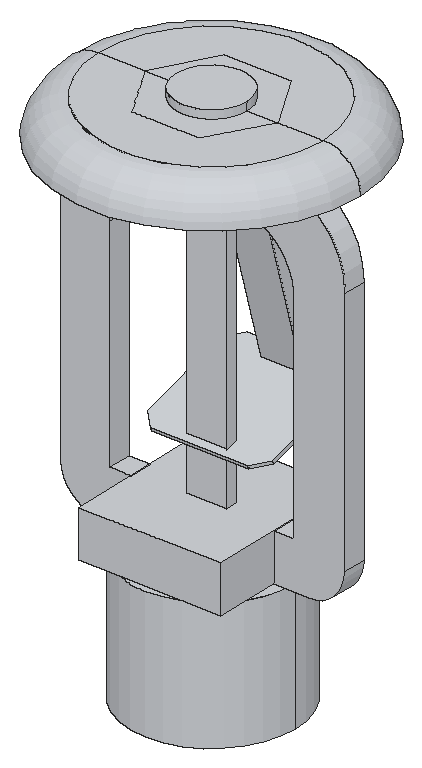
Revit family
Parameters (values of type "RASCO GFR UPRIGHT")
  Temperature Rating = 165 °F
  Response = 1
  RASCO SIN # = "R3125"
  RASCO Part # = "GFRUB"
  Pressure Rating = "175 PSI"
  Pressure Class = (empty or 0)
  Orifice Size = 1/2"
  Orifice = (empty or 0)
  Model = "GFR"
  Manufacturer = "RASCO"
  K-Factor = 8
  Description = "Bronze Finish"
  Coverage = (empty or 0)
Reference planes (in)
  plane 1 "Center (Front/Back)": y = 0
  plane 2: z = 0
  plane 3 "Center (Left/Right)": x = 0
Dimensions and locks (in)
  aligned and locked: plane 2 to level
Nested families (in)
  nested 1: "GFRUB" at (0, 0, 0), type "RASCO GFR UPRIGHT"
Connectors (in)
  piping at (0, 0, 0)
    settings: on nested 1, index 1, connector radius 0.45", flow factor 0, pipe flow 0 GPM, pressure drop 0.00 psi, fitting loss kfactor 0, connector angle 0.00°, fixture units 0, flow configuration 0, flow direction 0, fitting loss method 0, system type 7, connector reference index -1, connector utility 0, adjustable connector no, is connector primary yes, fitting loss table "", connector description ""
Definition of nested family "GFRUB"
  Parameters (values of type "RASCO GFR UPRIGHT")
    Type Comments = ""
    Temperature Rating = 0 °F
    Response = (empty or 0)
    Pressure Rating = "0"
    Pressure Class = (empty or 0)
    Orifice Size = 0"
    Orifice = (empty or 0)
    Model = ""
    Manufacturer = ""
    K-Factor = 0
    Description = ""
    Coverage = (empty or 0)
    Assembly Code = ""
  Reference planes (in)
    plane 1 "Center (Front/Back)": y = 0
    plane 2: z = 0
    plane 3 "ref.2": z = 0.6875
    plane 4 "ref.3": z = 0.9375
    plane 5: x = -0.38065
    plane 6: x = 0.36935
    plane 7 "ref. side 1": y = 0.06402
    plane 8 "ref. side 2": y = -0.06098
    plane 9 "ref.4": z = 1.875
    plane 10 "ref.5": z = 2.875
    plane 11 "center": x = -0.00574
    plane 12 "clip": through (0, 0.52703, 1.36085) normal (0, 0.2756, -0.9613)
  Forms (in)
    Extrusion 1, solid
      sketch origin (0, 0, 0) x (1, 0, 0) y (0, 1, 0)
        loop
          circle (0, 0) r 0.438
      from 0 to 0.6875
    Extrusion 2, solid
      sketch origin (-0.12185, 0.05177, 0.6875) x (1, 0, 0) y (0, 1, 0)
        loop
          line (-0.2588, 0.356) -> (-0.2588, -0.4565) -> (0.4912, -0.4565) -> (0.4912, 0.356) -> (-0.2588, 0.356)
      from 0 to 0.25
    Extrusion 3, solid
      sketch origin (0, 0, 0) x (1, 0, 0) y (0, 0, 1)
        loop
          line (-0.49248, 0.9375) -> (-0.49248, 2.10276)
          arc (-0.49248, 2.10276) -> (-0.40724, 2.30855) -> (-0.20145, 2.39379) r 0.29103
          line (-0.20145, 2.39379) -> (0.18108, 2.39379)
          arc (0.18108, 2.39379) -> (0.38905, 2.30765) -> (0.47519, 2.09969) r 0.29411
          line (0.47519, 2.09969) -> (0.47519, 0.9375) -> (0.36935, 0.9375) -> (0.36935, 0.6875) -> (0.55741, 0.6875)
          arc (0.55741, 0.6875) -> (0.69165, 0.7431) -> (0.74725, 0.87734) r 0.18984
          line (0.74725, 0.87734) -> (0.74725, 2.19113)
          arc (0.74725, 2.19113) -> (0.61669, 2.50631) -> (0.3015, 2.63687) r 0.44574
          line (0.3015, 2.63687) -> (-0.30719, 2.63687)
          arc (-0.30719, 2.63687) -> (-0.62225, 2.50637) -> (-0.75275, 2.19131) r 0.44556
          line (-0.75275, 2.19131) -> (-0.75275, 0.87876)
          arc (-0.75275, 0.87876) -> (-0.69673, 0.74352) -> (-0.56149, 0.6875) r 0.19126
          line (-0.56149, 0.6875) -> (-0.38065, 0.6875) -> (-0.38065, 0.9375) -> (-0.49248, 0.9375)
      from -0.06402 to 0.06098
    Extrusion 4, solid
      sketch origin (-0.00199, 0, 2.4375) x (-1, 0, 0) y (0, -1, 0)
        loop
          circle (0.00574, -0.00152) r 0.1875
      from -0.04371 to 0.4375
    Revolve 5, solid
      sketch origin (-0.0011, 0, 0.30638) x (1, 0, 0) y (0, 0, 1)
        loop
          line (-0.19255, 2.33367) -> (-0.19255, 2.52696) -> (-0.35809, 2.52696) -> (-0.59714, 2.52696)
          arc (-0.59714, 2.52696) -> (-0.73508, 2.47056) -> (-0.79397, 2.33367) r 0.19686
          line (-0.79397, 2.33367) -> (-0.19255, 2.33367)
        axis (-0.00574, 2.33367) -> (-0.00574, 2.52696)
      angle from 0 to 360
    Extrusion 6, solid
      sketch origin (0, 0, 0.9375) x (-1, 0, 0) y (0, -1, 0)
        loop
          line (-0.10175, -0.02852) -> (0.11324, -0.02852) -> (0.11324, 0.03101) -> (-0.10175, 0.03101) -> (-0.10175, -0.02852)
      from 0 to 1.45629
    Extrusion 7, solid
      sketch origin (-0.00574, 0, 0) x (0, 0, -1) y (0, -1, 0)
        loop
          line (-2.34418, 0.08154) -> (-2.34418, -0.18975)
          arc (-2.34418, -0.18975) -> (-2.3294, -0.23392) -> (-2.29102, -0.2603) r 0.07339
          line (-2.29102, -0.2603) -> (-1.29471, -0.54599) -> (-1.27823, -0.48852) -> (-2.23088, -0.21535)
          arc (-2.23088, -0.21535) -> (-2.26901, -0.18915) -> (-2.28369, -0.14527) r 0.07291
          line (-2.28369, -0.14527) -> (-2.28369, 0.08154) -> (-2.34418, 0.08154)
      from -0.1075 to 0.1075
    Extrusion 8, solid
      sketch origin (0, -0.32053, 1.11781) x (0, 0.961262, 0.275637) y (1, 0, 0)
        loop
          line (0.84059, -0.34079) -> (0.916, -0.26539) -> (0.916, 0.24563) -> (0.84145, 0.32018) -> (0.33718, 0.32018) -> (0.26218, 0.24518) -> (0.26218, -0.26617) -> (0.3368, -0.34079) -> (0.84059, -0.34079)
      from -0.01906 to 0
  Cuts and joins
    joined: Extrusion 1, Extrusion 2, Revolve 5
  Dimensions and locks (in)
    Revolve 5 sketch curve to Revolve 5 sketch curve = 0.78823"
